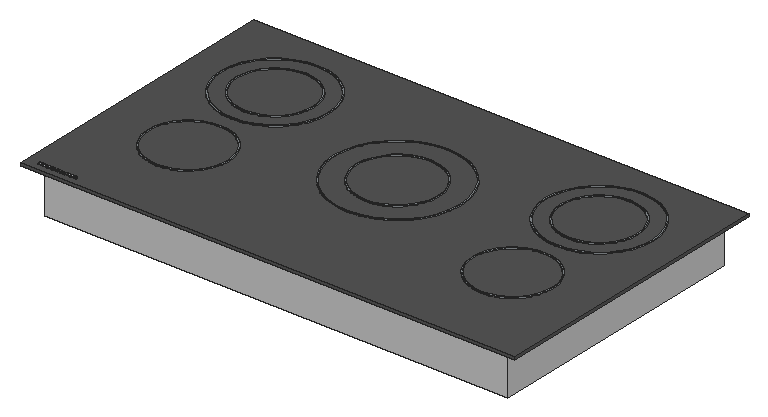
Revit family "FP_Revit_18_CE365DTB1_Cooktop_90000825A", category Specialty Equipment, Revit 2018
Family settings
  Round Connector Dimension = Use Diameter
  Part Type = Normal
  OmniClass Number = 23.40.40.14.17.11
  OmniClass Title = Cookers, Ovens, Stoves
  Work Plane-Based = No
  Always vertical = Yes
  Cut with Voids When Loaded = Yes
  Shared = No
  Room Calculation Point = No
Parameters
  Visibility - Clearance Required = yes
  URL = "www.fisherpaykel.com"
  Product - Width = 900 mm  # constant formula
  Product - Height = 115 mm  # constant formula
  Product - Depth = 530 mm  # constant formula
  Model = "CE365DTB1"
  Material - Graphics = Fisher & Paykel - Graphics Grey
  Material - Cooktop = Fisher & Paykel - Glass, Black
  Material - Body = Fisher & Paykel - Grey
  Manufacturer = "Fisher & Paykel Appliances"
  FFL Offset [instance] = 915 mm
  Description = "36\" Electric Cooktop"
  Connector Note - Electrical = "208 or 240 V, 60 Hz, 34 A or 39 A"
  Clearance - Side Combustible = 55 mm  # constant formula
  Clearance - Rear Combustible = 55 mm  # constant formula
  Clearance - Overhead Rangehood = 650 mm  # constant formula
  Clearance - Overhead Non-Combustible = 610 mm  # constant formula
  Clearance - Overhead Combustible = 762 mm  # constant formula
  Clearance - Below = 115 mm  # constant formula
  Chassis - Width = 843 mm  # constant formula
  Chassis - Height = 79.5 mm  # constant formula
  Chassis - Depth = 490 mm  # constant formula
  Cavity - Width = 850 mm  # constant formula
  Cavity - Height = 110 mm  # constant formula
  Cavity - Depth = 495 mm  # constant formula
Reference planes
  plane 1 "Datum": y = 0
  plane 2: z = 0
  plane 3 "Center (Left/Right)": x = 0
  plane 4 "Product LHS": x = -450
  plane 5 "Product RHS": x = 450
  plane 6 "Product - Depth": y = 530
  plane 7 "Cavity LHS": x = -425
  plane 8 "Cavity RHS": x = 425
  plane 9 "Chassis - Front": y = 20
  plane 10 "Cavity - Front": y = 17.5
  plane 11 "Cavity - Depth": y = 512.5
  plane 12 "Chassis - Depth": y = 510
  plane 13 "Glass": z = 920
  plane 14 "Countertop": z = 915
  plane 15 "Basepan": z = 835.5
Forms (mm)
  Extrusion 1, solid, material "Fisher & Paykel - Glass, Black" <- "Material - Cooktop"
    sketch origin (0, 0, 0) x (0, 1, 0) y (0, 0, 1)
      loop
        line (0, 920) -> (0, 916) -> (530, 916) -> (530, 920) -> (0, 920)
    from -450 to 450
  Extrusion 2, solid, material "Fisher & Paykel - Clearance Required (Cutout)", visible <- "Visibility - Clearance Required", detail levels coarse
    sketch origin (0, 0, 0) x (1, 0, 0) y (0, 1, 0)
      loop
        line (-425, 512.5) -> (-425, 17.5) -> (425, 17.5) -> (425, 512.5) -> (-425, 512.5)
    from 805 to 915
  Extrusion 3, solid, material "Fisher & Paykel - Clearance Required (Combustible)", visible <- "Visibility - Clearance Required", detail levels coarse
    sketch origin (0, 0, 0) x (1, 0, 0) y (0, 1, 0)
      loop
        line (450, 0) -> (480, 0) -> (480, 538.387) -> (-480, 538.387) -> (-480, 0) -> (-450, 0) -> (-450, 530) -> (450, 530) -> (450, 0)
    from 920 to 1375
  Extrusion 4, solid, material "Fisher & Paykel - Clearance Required (Non-Combustible)", visible <- "Visibility - Clearance Required", detail levels coarse
    sketch origin (0, 0, 0) x (1, 0, 0) y (0, 1, 0)
      loop
        line (-450, 0) -> (450, 0) -> (450, 530) -> (-450, 530) -> (-450, 0)
    from 920 to 1530
  Extrusion 5, solid, material "Fisher & Paykel - Clearance Required (Rangehood)", visible <- "Visibility - Clearance Required", detail levels coarse
    sketch origin (0, 0, 0) x (1, 0, 0) y (0, 1, 0)
      loop
        line (-450, 530) -> (-450, 0) -> (450, 0) -> (450, 530) -> (-450, 530)
    from 1530 to 1682
  Extrusion 6, solid, material "Fisher & Paykel - Grey" <- "Material - Body"
    sketch origin (0, 0, 0) x (0, 1, 0) y (0, 0, 1)
      loop
        line (20, 835.5) -> (510, 835.5) -> (510, 915) -> (20, 915) -> (20, 835.5)
    from -421.5 to 421.5
  Extrusion 7, solid, material "Fisher & Paykel - Grey" <- "Material - Body"
    sketch origin (0, 0, 0) x (1, 0, 0) y (0, 1, 0)
      loop
        line (-440.5, 524.5) -> (-440.5, 5.5) -> (440.5, 5.5) -> (440.5, 524.5) -> (-440.5, 524.5)
    from 915 to 916
  Extrusion 8, solid, material "Fisher & Paykel - Graphics Grey" <- "Material - Graphics", detail levels fine
    sketch origin (0, 0, 0) x (1, 0, 0) y (0, 1, 0)
      loop
        circle (-295.066, 385.209) r 98.344
      loop
        circle (-295.066, 385.209) r 96.583
      loop
        circle (-295.066, 385.209) r 70.372
      loop
        circle (-295.066, 385.209) r 68.581
      loop
        circle (-294.981, 188.107) r 73.266
      loop
        circle (-294.981, 188.107) r 71.504
      loop
        circle (294.868, 188.108) r 73.277
      loop
        circle (294.868, 188.108) r 71.512
      loop
        circle (294.853, 385.199) r 96.535
      loop
        circle (294.853, 385.199) r 98.281
      loop
        circle (294.853, 385.199) r 70.262
      loop
        circle (294.853, 385.199) r 68.581
      loop
        circle (0.102, 294.798) r 73.234
      loop
        circle (0.102, 294.798) r 75
      loop
        circle (0.102, 294.798) r 115.271
      loop
        circle (0.102, 294.798) r 113.901
    from 920 to 921
  Extrusion 9, solid, material "Fisher & Paykel - Clearance Required", detail levels coarse
    sketch origin (0, 0, 0) x (1, 0, 0) y (0, 1, 0)
      loop
        line (-425, 17.5) -> (425, 17.5) -> (425, 512.5) -> (-425, 512.5) -> (-425, 17.5)
    from 800 to 805
  Extrusion 10, void
    sketch origin (0, 0, 0) x (1, 0, 0) y (0, 1, 0)
      loop
        line (-425, 512.5) -> (-425, 17.5) -> (425, 17.5) -> (425, 512.5) -> (-425, 512.5)
    from 805 to 915
Text (mm)
  text "Due to ongoing product development, product details are subject to change without notice. \nPlease always refer to www.fisherpaykel.com for the most current product information. \n© Fisher & Paykel 2020" at (41.04, -387.478, 0), in view "Ref. Level (Plan)"
Dimensions and locks
  equal spacing: plane 4 "Product LHS", plane 3 "Center (Left/Right)", plane 5 "Product RHS"
  equal spacing: plane 7 "Cavity LHS", plane 3 "Center (Left/Right)", plane 8 "Cavity RHS"
  "Product - Depth": Extrusion 1 to plane 1 "Datum"
  equal spacing: Extrusion 6, plane 3 "Center (Left/Right)", Extrusion 6
  "Clearance - Side Combustible": plane 8 "Cavity RHS" to Extrusion 3
  "Clearance - Side Combustible": Extrusion 3 to plane 7 "Cavity LHS"
  equal spacing: Extrusion 7 sketch curve, plane 3 "Center (Left/Right)", Extrusion 7 sketch curve
  plane 4 "Product LHS" to Extrusion 7 sketch curve = 9.5 mm
  "Product - Width": plane 4 "Product LHS" to plane 5 "Product RHS"
  "Cavity - Width": plane 7 "Cavity LHS" to plane 8 "Cavity RHS"
  "Chassis - Width": Extrusion 6 to Extrusion 6
  plane 1 "Datum" to plane 9 "Chassis - Front" = 20 mm
  plane 6 "Product - Depth" to plane 12 "Chassis - Depth" = 20 mm
  "Cavity - Depth": plane 11 "Cavity - Depth" to plane 10 "Cavity - Front"
  "Chassis - Depth": plane 12 "Chassis - Depth" to plane 9 "Chassis - Front"
  locked: plane 10 "Cavity - Front" to plane 9 "Chassis - Front" at 2.5
  "FFL Offset": plane 14 "Countertop" to level
  "Chassis - Height": plane 14 "Countertop" to plane 15 "Basepan"
  plane 13 "Glass" to plane 14 "Countertop" = 5 mm
  locked: Extrusion 3 to plane 13 "Glass" at 455
  "Clearance - Overhead Combustible": Extrusion 5 to plane 13 "Glass"
  "Clearance - Overhead Non-Combustible": plane 13 "Glass" to Extrusion 5
  locked: plane 14 "Countertop" to nested 2 at 78.004
  locked: plane 13 "Glass" to Extrusion 1 sketch curve at 4
  locked: Extrusion 8 to plane 13 "Glass" at 1
  locked: nested 1 to plane 13 "Glass" at 0.8
  "Cavity - Height": Extrusion 2 to plane 14 "Countertop"
  "Clearance - Below": plane 14 "Countertop" to Extrusion 9
  aligned and locked: level to plane 2
  aligned and locked: Extrusion 1 to plane 5 "Product RHS"
  aligned and locked: plane 4 "Product LHS" to Extrusion 1
  aligned and locked: Extrusion 3 sketch curve to plane 5 "Product RHS"
  aligned and locked: plane 11 "Cavity - Depth" to Extrusion 2
  aligned and locked: Extrusion 4 to Extrusion 3
  aligned and locked: Extrusion 4 to Extrusion 5
  aligned and locked: plane 14 "Countertop" to Extrusion 6
  aligned and locked: Extrusion 2 to Extrusion 6
  aligned and locked: Extrusion 6 to plane 15 "Basepan"
  aligned and locked: Extrusion 1 sketch curve to plane 13 "Glass"
  aligned and locked: Extrusion 7 to Extrusion 1
  aligned and locked: Extrusion 7 to Extrusion 2
  aligned and locked: Extrusion 8 to Extrusion 1
  aligned and locked: Extrusion 3 to Extrusion 1
  aligned and locked: Extrusion 9 to Extrusion 2
  aligned and locked: Extrusion 10 to Extrusion 2  (x2)
Automatic sketch dimensions
  Extrusion 1 sketch curve to plane 1 "Datum" = 0 mm
  Extrusion 1 sketch curve to plane 6 "Product - Depth" = 0 mm
  plane 10 "Cavity - Front" to Extrusion 2 sketch curve = 0 mm
  Extrusion 2 sketch curve to plane 11 "Cavity - Depth" = 0 mm
  plane 7 "Cavity LHS" to Extrusion 2 sketch curve = 0 mm
  Extrusion 2 sketch curve to plane 8 "Cavity RHS" = 0 mm
  plane 1 "Datum" to Extrusion 3 sketch curve = 0 mm  (x2)
  Extrusion 3 sketch curve to plane 4 "Product LHS" = 0 mm
  Extrusion 3 sketch curve to plane 6 "Product - Depth" = 0 mm
  plane 6 "Product - Depth" to Extrusion 3 sketch curve = 8.387 mm
  plane 4 "Product LHS" to Extrusion 3 sketch curve = 30 mm
  Extrusion 3 sketch curve to plane 5 "Product RHS" = 30 mm
  Extrusion 4 sketch curve to plane 4 "Product LHS" = 0 mm
  Extrusion 4 sketch curve to plane 5 "Product RHS" = 0 mm
  plane 1 "Datum" to Extrusion 4 sketch curve = 0 mm
  Extrusion 4 sketch curve to plane 6 "Product - Depth" = 0 mm
  plane 1 "Datum" to Extrusion 5 sketch curve = 0 mm
  Extrusion 5 sketch curve to plane 4 "Product LHS" = 0 mm
  Extrusion 5 sketch curve to plane 5 "Product RHS" = 0 mm
  Extrusion 5 sketch curve to plane 6 "Product - Depth" = 0 mm
  Extrusion 6 sketch curve to plane 9 "Chassis - Front" = 0 mm
  Extrusion 6 sketch curve to plane 12 "Chassis - Depth" = 0 mm
  Extrusion 6 sketch curve to plane 15 "Basepan" = 0 mm
  Extrusion 6 sketch curve to plane 14 "Countertop" = 0 mm
  Extrusion 7 sketch curve to plane 1 "Datum" = 5.5 mm
  Extrusion 7 sketch curve to plane 6 "Product - Depth" = 5.5 mm
  Extrusion 8 sketch curve to Extrusion 8 sketch curve = 0 mm  (x40)
  Extrusion 8 sketch curve to plane 7 "Cavity LHS" = 129.934 mm
  Extrusion 8 sketch curve to plane 7 "Cavity LHS" = 130.019 mm
  plane 3 "Center (Left/Right)" to Extrusion 8 sketch curve = 0.102 mm
  plane 8 "Cavity RHS" to Extrusion 8 sketch curve = 130.147 mm
  plane 8 "Cavity RHS" to Extrusion 8 sketch curve = 130.132 mm
  Extrusion 8 sketch curve to plane 9 "Chassis - Front" = 168.107 mm
  Extrusion 8 sketch curve to plane 9 "Chassis - Front" = 168.108 mm
  Extrusion 8 sketch curve to plane 12 "Chassis - Depth" = 215.202 mm
  Extrusion 8 sketch curve to plane 12 "Chassis - Depth" = 124.801 mm
  Extrusion 8 sketch curve to plane 12 "Chassis - Depth" = 124.791 mm
  Extrusion 9 sketch curve to plane 11 "Cavity - Depth" = 0 mm
  plane 10 "Cavity - Front" to Extrusion 9 sketch curve = 0 mm
  plane 7 "Cavity LHS" to Extrusion 9 sketch curve = 0 mm
  Extrusion 9 sketch curve to plane 8 "Cavity RHS" = 0 mm
  plane 10 "Cavity - Front" to Extrusion 10 sketch curve = 0 mm
  Extrusion 10 sketch curve to plane 11 "Cavity - Depth" = 0 mm
  plane 7 "Cavity LHS" to Extrusion 10 sketch curve = 0 mm
  Extrusion 10 sketch curve to plane 8 "Cavity RHS" = 0 mm
  radius of Extrusion 8 sketch curve = 98.344 mm
  radius of Extrusion 8 sketch curve = 96.583 mm
  radius of Extrusion 8 sketch curve = 70.372 mm
  radius of Extrusion 8 sketch curve = 68.581 mm  (x2)
  radius of Extrusion 8 sketch curve = 73.266 mm
  radius of Extrusion 8 sketch curve = 71.504 mm
  radius of Extrusion 8 sketch curve = 73.277 mm
  radius of Extrusion 8 sketch curve = 71.512 mm
  radius of Extrusion 8 sketch curve = 96.535 mm
  radius of Extrusion 8 sketch curve = 98.281 mm
  radius of Extrusion 8 sketch curve = 70.262 mm
  radius of Extrusion 8 sketch curve = 73.234 mm
  radius of Extrusion 8 sketch curve = 75 mm
  radius of Extrusion 8 sketch curve = 115.271 mm
  radius of Extrusion 8 sketch curve = 113.901 mm
Nested families
  nested 1: "F&P Logo 70mm Horizontal" at (-394.001, 14.253, 920), type "F&P Logo 70mm Horizontal"
  nested 2: "F&P Power Connection Cooktop" at (141.4, 450, 898.996), type "F&P Power Connection Cooktop"
Connectors
  electrical at (101.4, 380.919, 816.796), driven by "Connector Note - Electrical"
    settings: on nested 2, index 1, voltage 120 V, apparent load 0 VA, apparent load phase1 0 VA, apparent load phase2 0 VA, apparent load phase3 0 VA, power factor 1, load classification "Other", number of poles 2, system type 30, power factor state 1, is connector primary yes, connector utility no, sub classification motor no, connector description "208 or 240 V, 60 Hz, 34 A or 39 A"
Definition of nested family "F&P Logo 70mm Horizontal"
  Parameters (values of type "F&P Logo 70mm Horizontal")
    URL = "www.fisherpaykel.com"
    Material - Logo = none
    Manufacturer = "Fisher & Paykel Appliances"
  Reference planes
    plane 1 "Center (Front/Back)": y = 0
    plane 2: z = 0
    plane 3 "Center (Left/Right)": x = 0
  Forms (mm)
    Extrusion 1, solid, material <- "Material - Logo", detail levels fine
      sketch origin (0, 0, 0) x (1, 0, 0) y (0, 1, 0)
        loop
          line (-34.997, -0.356) -> (-33.895, -0.356) -> (-33.895, 1.141) -> (-32.174, 1.141) -> (-32.174, 2.075) -> (-33.895, 2.075) -> (-33.895, 2.943) -> (-32.023, 2.943) -> (-32.023, 3.872) -> (-34.997, 3.872) -> (-34.997, -0.356)
        loop
          line (-29.929, 3.872) -> (-29.929, -0.356) -> (-28.828, -0.356) -> (-28.828, 3.872) -> (-29.929, 3.872)
        loop
          line (-21.473, 3.872) -> (-21.473, -0.356) -> (-20.372, -0.356) -> (-20.372, 1.338) -> (-18.754, 1.338) -> (-18.754, -0.356) -> (-17.652, -0.356) -> (-17.652, 3.872) -> (-18.754, 3.872) -> (-18.754, 2.268) -> (-20.372, 2.268) -> (-20.372, 3.872) -> (-21.473, 3.872)
        loop
          line (-15.301, 3.872) -> (-15.301, -0.356) -> (-12.288, -0.356) -> (-12.288, 0.444) -> (-14.209, 0.444) -> (-14.209, 1.338) -> (-12.453, 1.338) -> (-12.453, 2.268) -> (-14.209, 2.268) -> (-14.209, 3.072) -> (-12.288, 3.072) -> (-12.288, 3.872) -> (-15.301, 3.872)
        loop
          line (32, 3.872) -> (32, -0.356) -> (35.003, -0.356) -> (35.003, 0.574) -> (33.102, 0.574) -> (33.102, 3.872) -> (32, 3.872)
        loop
          line (29.735, 3.872) -> (26.712, 3.872) -> (26.712, -0.356) -> (29.735, -0.356) -> (29.735, 0.444) -> (27.814, 0.444) -> (27.814, 1.338) -> (29.57, 1.338) -> (29.57, 2.268) -> (27.814, 2.268) -> (27.814, 3.072) -> (29.735, 3.072) -> (29.735, 3.872)
        loop
          line (23.449, 1.848) -> (25.012, 3.872) -> (23.724, 3.872) -> (22.374, 2.124) -> (22.374, 3.872) -> (21.273, 3.872) -> (21.273, -0.356) -> (22.374, -0.356) -> (22.374, 1.538) -> (23.765, -0.356) -> (25.067, -0.356) -> (23.449, 1.848)
        loop
          line (15.42, 3.872) -> (17.017, 1.338) -> (17.017, -0.356) -> (18.119, -0.356) -> (18.119, 1.283) -> (19.717, 3.872) -> (18.546, 3.872) -> (17.603, 2.239) -> (16.66, 3.872) -> (15.42, 3.872)
        loop
          line (12.969, 3.872) -> (11.922, 3.872) -> (10.2, -0.356) -> (11.282, -0.356) -> (11.585, 0.422) -> (13.278, 0.422) -> (13.581, -0.356) -> (14.69, -0.356) -> (12.969, 3.872)
        loop
          line (12.913, 1.352) -> (12.419, 2.566) -> (11.946, 1.352) -> (12.913, 1.352)
        loop
          line (5.556, 3.872) -> (5.556, -0.356) -> (6.653, -0.356) -> (6.653, 1.001) -> (7.453, 1.001)
          spline (7.453, 1.001) -> (7.884, 1.05) -> (8.285, 1.193) -> (8.63, 1.421) -> (8.895, 1.719) -> (9.061, 2.065) -> (9.118, 2.436) -> (9.061, 2.808) -> (8.895, 3.154) -> (8.63, 3.452) -> (8.285, 3.68) -> (7.884, 3.823) -> (7.453, 3.872)
          line (7.453, 3.872) -> (5.556, 3.872)
        loop
          spline (7.385, 1.882) -> (7.558, 1.9) -> (7.72, 1.953) -> (7.858, 2.037) -> (7.965, 2.147) -> (8.032, 2.275) -> (8.055, 2.412) -> (8.032, 2.55) -> (7.965, 2.677) -> (7.858, 2.787) -> (7.72, 2.872) -> (7.558, 2.924) -> (7.385, 2.943)
          line (7.385, 2.943) -> (6.585, 2.943) -> (6.585, 1.882) -> (7.385, 1.882)
        loop
          line (-8.294, 2.943) -> (-9.094, 2.943) -> (-9.094, 1.781) -> (-8.294, 1.781)
          spline (-8.294, 1.781) -> (-8.121, 1.801) -> (-7.96, 1.859) -> (-7.822, 1.951) -> (-7.716, 2.072) -> (-7.649, 2.212) -> (-7.626, 2.362) -> (-7.649, 2.512) -> (-7.716, 2.652) -> (-7.822, 2.772) -> (-7.96, 2.865) -> (-8.121, 2.923) -> (-8.294, 2.943)
        loop
          line (-8.214, 3.872) -> (-10.262, 3.872) -> (-10.262, -0.356) -> (-9.094, -0.356) -> (-9.094, 0.492) -> (-8.294, 0.492) -> (-7.647, -0.356) -> (-6.373, -0.356) -> (-7.445, 1.016)
          spline (-7.445, 1.016) -> (-7.148, 1.205) -> (-6.902, 1.45) -> (-6.72, 1.739) -> (-6.611, 2.058) -> (-6.58, 2.391) -> (-6.628, 2.723) -> (-6.754, 3.037) -> (-6.95, 3.317) -> (-7.208, 3.551) -> (-7.515, 3.726) -> (-7.856, 3.835) -> (-8.214, 3.872)
        loop
          line (0.368, 2.943) -> (0.368, 3.951) -> (-2.559, 3.951) -> (-2.559, 3.151) -> (-2.048, 2.522)
          spline (-2.048, 2.522) -> (-2.373, 2.187) -> (-2.606, 1.789) -> (-2.731, 1.355) -> (-2.74, 0.914) -> (-2.632, 0.497) -> (-2.414, 0.133) -> (-2.102, -0.155) -> (-1.716, -0.347) -> (-1.283, -0.429) -> (-0.832, -0.395) -> (-0.395, -0.249) -> (0, 0)
          line (0, 0) -> (0.504, -0.621) -> (1.644, -0.621) -> (0.602, 0.712) -> (1.591, 2.137) -> (0.459, 2.137) -> (0.003, 1.48) -> (-1.14, 2.943) -> (0.368, 2.943)
        loop
          spline (-1.353, 1.874) -> (-1.563, 1.673) -> (-1.729, 1.449) -> (-1.839, 1.217) -> (-1.886, 0.992) -> (-1.867, 0.792) -> (-1.783, 0.627) -> (-1.639, 0.511) -> (-1.447, 0.451) -> (-1.218, 0.451) -> (-0.968, 0.512) -> (-0.714, 0.628) -> (-0.475, 0.792)
          line (-0.475, 0.792) -> (-1.353, 1.874)
        loop
          arc (-25.449, 3.004) -> (-24.591, 2.949) -> (-23.808, 2.592) r 2.379
          line (-23.808, 2.592) -> (-23.808, 3.586)
          arc (-23.808, 3.586) -> (-24.619, 3.915) -> (-25.494, 3.936) r 2.437
          arc (-25.494, 3.936) -> (-26.617, 2.99) -> (-26.18, 1.588) r 1.327
          arc (-26.18, 1.588) -> (-25.746, 1.367) -> (-25.276, 1.236) r 2.46
          spline (-25.276, 1.236) -> (-25.124, 1.211) -> (-24.98, 1.158) -> (-24.856, 1.083) -> (-24.761, 0.989) -> (-24.703, 0.886) -> (-24.686, 0.78) -> (-24.713, 0.681) -> (-24.78, 0.596) -> (-24.882, 0.532) -> (-25.011, 0.494) -> (-25.158, 0.485) -> (-25.311, 0.505)
          arc (-25.311, 0.505) -> (-26.045, 0.647) -> (-26.714, 0.98) r 2.761
          line (-26.714, 0.98) -> (-26.714, -0.067)
          arc (-26.714, -0.067) -> (-25.66, -0.377) -> (-24.564, -0.318) r 3.237
          arc (-24.564, -0.318) -> (-23.597, 0.72) -> (-24.205, 2.002) r 1.263
          arc (-24.205, 2.002) -> (-24.834, 2.249) -> (-25.488, 2.42) r 5.78
          spline (-25.488, 2.42) -> (-25.537, 2.449) -> (-25.58, 2.49) -> (-25.615, 2.541) -> (-25.639, 2.6) -> (-25.653, 2.664) -> (-25.654, 2.73) -> (-25.644, 2.795) -> (-25.622, 2.856) -> (-25.59, 2.909) -> (-25.549, 2.953) -> (-25.502, 2.985) -> (-25.449, 3.004)
      from 0 to 0.8
  Dimensions and locks
    Extrusion 1 sketch curve to Extrusion 1 sketch curve = 70 mm
    aligned and locked: level to plane 2
Definition of nested family "F&P Power Connection Cooktop"
  Parameters (values of type "F&P Power Connection Cooktop")
    URL = "www.fisherpaykel.com"
    Model = ""
    Material - Body = none
    Manufacturer = "Fisher & Paykel Appliances"
    Description = ""
  Reference planes
    plane 1 "Center (Front/Back)": y = 0
    plane 2: z = 0
    plane 3 "Center (Left/Right)": x = 0
  Forms (mm)
    Extrusion 1, solid, material <- "Material - Body"
      sketch origin (-399.3, -461.987, 0) x (1, 0, 0) y (0, 1, 0)
        loop
          line (371.3, 470.923) -> (371.3, 477.382)
          arc (371.3, 477.382) -> (365.3, 483.382) -> (359.3, 477.382) r 6
          line (359.3, 477.382) -> (359.3, 470.923) -> (371.3, 470.923)
        loop
          circle (365.3, 477.382) r 2
        loop
          line (371.3, 453.05) -> (359.3, 453.05) -> (359.3, 446.592)
          arc (359.3, 446.592) -> (365.3, 440.592) -> (371.3, 446.592) r 6
          line (371.3, 446.592) -> (371.3, 453.05)
        loop
          circle (365.3, 446.592) r 2
      from -85 to -75
    Revolve 2, solid, material <- "Material - Body"
      sketch origin (-399.3, 0, 0) x (1, 0, 0) y (0, 0, 1)
        loop
          line (359.3, -70.404) -> (359.3, -82.2) -> (411.196, -82.2)
          arc (411.196, -82.2) -> (407.741, -73.859) -> (399.4, -70.404) r 11.796
          line (399.4, -70.404) -> (359.3, -70.404)
        axis (359.3, -82.2) -> (411.196, -82.2)
      angle from 0 to 360
    Revolve 3, solid, material <- "Material - Body"
      sketch origin (-399.3, 0, 0) x (1, 0, 0) y (0, 0, 1)
        loop
          line (410.3, -62) -> (399.3, -62) -> (399.3, -82.2) -> (410.3, -82.2) -> (410.3, -62)
        axis (399.3, -62) -> (399.3, -82.2)
      angle from 0 to 360
    Sweep 4, solid, material <- "Material - Body"
      path origin (-399.3, -461.987, 0) x (1, 0, 0) y (0, 1, 0)
        loop
          line (359.3, 392.906) -> (280.841, 392.906)
          arc (280.841, 392.906) -> (222.158, 372.738) -> (188.271, 320.757) r 95.459
          arc (188.271, 320.757) -> (14.034, 258.449) -> (22.747, 443.286) r 111.355
          arc (22.747, 443.286) -> (55.057, 457.224) -> (89.922, 461.987) r 130
          line (89.922, 461.987) -> (359.3, 461.987)
      profile origin (-174.689, 0, 0) x (0, 1, 0) y (0, 0, 1)
        loop
          circle (0, -82.2) r 11
    Extrusion 5, solid, material <- "Material - Body", detail levels medium+fine
      sketch origin (-170.063, -461.987, 0) x (0, 1, 0) y (0, 0, 1)
        loop
          circle (392.954, -77.981) r 3
        loop
          circle (388.579, -82.669) r 3
        loop
          circle (397.329, -82.669) r 3
        loop
          circle (392.954, -87.356) r 3
      from 160 to 130.063
  Cuts and joins
    joined: Extrusion 1, Revolve 2, Revolve 3
  Text (mm)
    text "Due to ongoing product development, product details are subject to change without notice. \nPlease always refer to www.fisherpaykel.com for the most current product information. \n© Fisher & Paykel 2020" at (41.04, -387.478, 0), in view "Ref. Level (Plan)"
  Dimensions and locks
    aligned and locked: level to plane 2
